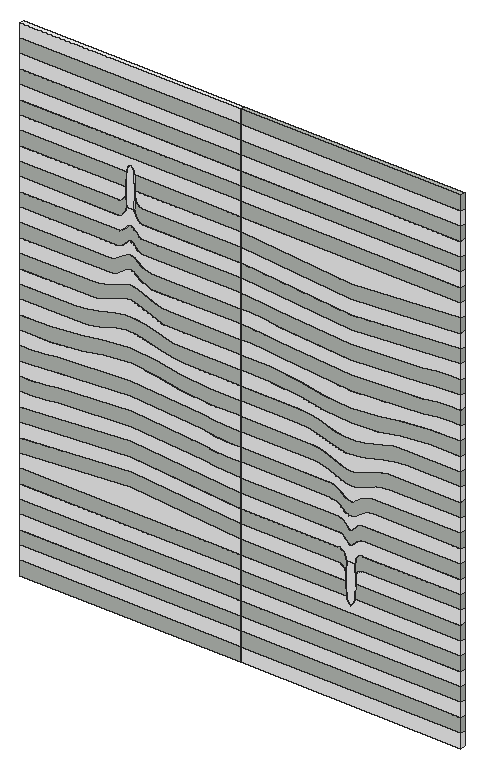
Revit family "Stacked Surfaces 017", category Modelos genéricos, Revit 2020
Family settings
  Anfitrión = Muro
  Puede alojar armadura = No
  Cota de conector redondo = Diámetro de uso
  Tipo de pieza = Normal
  Siempre vertical = Sí
  Corte con vacíos al cargar = No
  Compartido = No
  Punto de cálculo de habitación = No
Parameters
  URL = "https://www.csiposhfelt.com/products/surfaces/stacked-surfaces-017"
  Modelo = "Stacked Surfaces 017"
  Fabricante = "CSI PoshFelt"
  Elevación por defecto = 0' - 0"
Reference planes (in)
  plane 1: y = 0
  plane 2 "Center (Left/Right)": x = 0
  plane 3 "Wall Edge": y = 3
Forms (in)
  Extrusion 1, solid, material "PSH300"
    sketch origin (0, 3, 0) x (1, 0, 0) y (0, 0, 1)
      loop
        line (0, 0) -> (0, 3) -> (-48, 3) -> (-48, 0) -> (0, 0)
      loop
        arc (-48, 6) -> (-24, 6.3618) -> (0, 6) r 796.19859
        line (0, 6) -> (0, 9.00136)
        arc (0, 9.00136) -> (-24, 9.3618) -> (-48, 9.00136) r 799.19859
        line (-48, 9.00136) -> (-48, 6)
      loop
        line (-48, 105) -> (-48, 102) -> (0, 102) -> (0, 105) -> (-48, 105)
      loop
        line (-48, 99) -> (-48, 96) -> (0, 96) -> (0, 99) -> (-48, 99)
      loop
        line (-48, 93) -> (-48, 90) -> (0, 90) -> (0, 93) -> (-48, 93)
      loop
        line (-48, 87) -> (-48, 84) -> (-25.06902, 84)
        arc (-25.06902, 84) -> (-25.01065, 85.50255) -> (-24.87393, 87) r 28.79545
        line (-24.87393, 87) -> (-48, 87)
      loop
        line (0, 87) -> (-23.12607, 87)
        arc (-23.12607, 87) -> (-22.98935, 85.50255) -> (-22.93098, 84) r 28.79545
        line (-22.93098, 84) -> (0, 84) -> (0, 87)
      loop
        line (-48, 81) -> (-48, 78) -> (-26.77463, 78)
        arc (-26.77463, 78) -> (-25.55993, 78.50315) -> (-25.05678, 79.71786) r 1.71786
        line (-25.05678, 79.71786) -> (-24.85785, 80.13386)
        arc (-24.85785, 80.13386) -> (-24.9864, 81.42362) -> (-25.05678, 82.71786) r 28.79545
        arc (-25.05678, 82.71786) -> (-25.55993, 81.50315) -> (-26.77463, 81) r 1.71786
        line (-26.77463, 81) -> (-48, 81)
      loop
        line (0, 81) -> (-21.22537, 81)
        arc (-21.22537, 81) -> (-22.44007, 81.50315) -> (-22.94322, 82.71786) r 1.71786
        arc (-22.94322, 82.71786) -> (-23.0136, 81.42362) -> (-23.14215, 80.13386) r 28.79545
        line (-23.14215, 80.13386) -> (-22.94322, 79.71786)
        arc (-22.94322, 79.71786) -> (-22.44007, 78.50315) -> (-21.22537, 78) r 1.71786
        line (-21.22537, 78) -> (0, 78) -> (0, 81)
      loop
        line (-48, 75) -> (-48, 72) -> (-26.62132, 72)
        arc (-26.62132, 72) -> (-26.0473, 72.11418) -> (-25.56066, 72.43934) r 1.5
        line (-25.56066, 72.43934) -> (-24.45387, 73.54613)
        arc (-24.45387, 73.54613) -> (-24, 73.73413) -> (-23.54613, 73.54613) r 0.64187
        line (-23.54613, 73.54613) -> (-22.43934, 72.43934)
        arc (-22.43934, 72.43934) -> (-21.9527, 72.11418) -> (-21.37868, 72) r 1.5
        line (-21.37868, 72) -> (0, 72) -> (0, 75) -> (-21.37868, 75)
        arc (-21.37868, 75) -> (-21.9527, 75.11418) -> (-22.43934, 75.43934) r 1.5
        line (-22.43934, 75.43934) -> (-23.54613, 76.54613)
        arc (-23.54613, 76.54613) -> (-24, 76.73413) -> (-24.45387, 76.54613) r 0.64187
        line (-24.45387, 76.54613) -> (-25.56066, 75.43934)
        arc (-25.56066, 75.43934) -> (-26.0473, 75.11418) -> (-26.62132, 75) r 1.5
        line (-26.62132, 75) -> (-48, 75)
      loop
        line (-48, 69) -> (-48, 66) -> (-28.75274, 66)
        arc (-28.75274, 66) -> (-27.62509, 66.17356) -> (-26.60183, 66.67818) r 3.75
        line (-26.60183, 66.67818) -> (-25.00376, 67.79716)
        arc (-25.00376, 67.79716) -> (-24, 68.11364) -> (-22.99624, 67.79716) r 1.75
        line (-22.99624, 67.79716) -> (-21.39817, 66.67818)
        arc (-21.39817, 66.67818) -> (-20.37491, 66.17356) -> (-19.24726, 66) r 3.75
        line (-19.24726, 66) -> (0, 66) -> (0, 69) -> (-19.24726, 69)
        arc (-19.24726, 69) -> (-20.37491, 69.17356) -> (-21.39817, 69.67818) r 3.75
        line (-21.39817, 69.67818) -> (-22.99624, 70.79716)
        arc (-22.99624, 70.79716) -> (-24, 71.11364) -> (-25.00376, 70.79716) r 1.75
        line (-25.00376, 70.79716) -> (-26.60183, 69.67818)
        arc (-26.60183, 69.67818) -> (-27.62509, 69.17356) -> (-28.75274, 69) r 3.75
        line (-28.75274, 69) -> (-48, 69)
      loop
        line (-48, 63) -> (-48, 60) -> (-32.27931, 60)
        arc (-32.27931, 60) -> (-30.89012, 60.12154) -> (-29.54315, 60.48246) r 8
        line (-29.54315, 60.48246) -> (-25.56498, 61.9304)
        arc (-25.56498, 61.9304) -> (-24, 62.20634) -> (-22.43502, 61.9304) r 4.57568
        line (-22.43502, 61.9304) -> (-18.45685, 60.48246)
        arc (-18.45685, 60.48246) -> (-17.10988, 60.12154) -> (-15.72069, 60) r 8
        line (-15.72069, 60) -> (0, 60) -> (0, 63) -> (-15.72069, 63)
        arc (-15.72069, 63) -> (-17.10988, 63.12154) -> (-18.45685, 63.48246) r 8
        line (-18.45685, 63.48246) -> (-22.43502, 64.9304)
        arc (-22.43502, 64.9304) -> (-24, 65.20634) -> (-25.56498, 64.9304) r 4.57568
        line (-25.56498, 64.9304) -> (-29.54315, 63.48246)
        arc (-29.54315, 63.48246) -> (-30.89012, 63.12154) -> (-32.27931, 63) r 8
        line (-32.27931, 63) -> (-48, 63)
      loop
        line (-48, 57) -> (-48, 54) -> (-35.7657, 54)
        arc (-35.7657, 54) -> (-33.35096, 54.15827) -> (-30.97755, 54.63037) r 18.5
        line (-30.97755, 54.63037) -> (-27.17053, 55.65046)
        arc (-27.17053, 55.65046) -> (-24, 56.06787) -> (-20.82947, 55.65046) r 12.25
        line (-20.82947, 55.65046) -> (-17.02245, 54.63037)
        arc (-17.02245, 54.63037) -> (-14.64904, 54.15827) -> (-12.2343, 54) r 18.5
        line (-12.2343, 54) -> (0, 54) -> (0, 57) -> (-12.2343, 57)
        arc (-12.2343, 57) -> (-14.64904, 57.15827) -> (-17.02245, 57.63037) r 18.5
        line (-17.02245, 57.63037) -> (-20.82947, 58.65046)
        arc (-20.82947, 58.65046) -> (-24, 59.06787) -> (-27.17053, 58.65046) r 12.25
        line (-27.17053, 58.65046) -> (-30.97755, 57.63037)
        arc (-30.97755, 57.63037) -> (-33.35096, 57.15827) -> (-35.7657, 57) r 18.5
        line (-35.7657, 57) -> (-48, 57)
      loop
        line (-48, 51) -> (-48, 48) -> (-41.59026, 48)
        arc (-41.59026, 48) -> (-38.19119, 48.14841) -> (-34.81798, 48.5925) r 39
        line (-34.81798, 48.5925) -> (-30.03427, 49.43599)
        arc (-30.03427, 49.43599) -> (-24, 49.96393) -> (-17.96573, 49.43599) r 34.75
        line (-17.96573, 49.43599) -> (-13.18202, 48.5925)
        arc (-13.18202, 48.5925) -> (-9.80881, 48.14841) -> (-6.40974, 48) r 39
        line (-6.40974, 48) -> (0, 48) -> (0, 51) -> (-6.40974, 51)
        arc (-6.40974, 51) -> (-9.80881, 51.14841) -> (-13.18202, 51.5925) r 39
        line (-13.18202, 51.5925) -> (-17.96573, 52.43599)
        arc (-17.96573, 52.43599) -> (-24, 52.96393) -> (-30.03427, 52.43599) r 34.75
        line (-30.03427, 52.43599) -> (-34.81798, 51.5925)
        arc (-34.81798, 51.5925) -> (-38.19119, 51.14841) -> (-41.59026, 51) r 39
        line (-41.59026, 51) -> (-48, 51)
      loop
        line (-48, 45) -> (-48, 42) -> (-46.03409, 42)
        arc (-46.03409, 42) -> (-44.36399, 42.05103) -> (-42.70011, 42.20391) r 27.35698
        line (-42.70011, 42.20391) -> (-39.75161, 42.56595)
        arc (-39.75161, 42.56595) -> (-24, 43.52936) -> (-8.24839, 42.56595) r 129.25
        line (-8.24839, 42.56595) -> (-5.29979, 42.2039)
        arc (-5.29979, 42.2039) -> (-3.63601, 42.05102) -> (-1.966, 42) r 27.35547
        line (-1.966, 42) -> (0, 42) -> (0, 45) -> (-1.966, 45)
        arc (-1.966, 45) -> (-3.63601, 45.05102) -> (-5.29979, 45.2039) r 27.35547
        line (-5.29979, 45.2039) -> (-8.24839, 45.56595)
        arc (-8.24839, 45.56595) -> (-24, 46.52936) -> (-39.75161, 45.56595) r 129.25
        line (-39.75161, 45.56595) -> (-42.70011, 45.20391)
        arc (-42.70011, 45.20391) -> (-44.36399, 45.05103) -> (-46.03409, 45) r 27.35698
        line (-46.03409, 45) -> (-48, 45)
      loop
        line (-48, 39) -> (-48, 36) -> (-46.03409, 36)
        arc (-46.03409, 36) -> (-44.36399, 36.05103) -> (-42.70011, 36.20391) r 27.35698
        line (-42.70011, 36.20391) -> (-39.75161, 36.56595)
        arc (-39.75161, 36.56595) -> (-24, 37.52936) -> (-8.24839, 36.56595) r 129.25
        line (-8.24839, 36.56595) -> (-5.29979, 36.2039)
        arc (-5.29979, 36.2039) -> (-3.63601, 36.05102) -> (-1.966, 36) r 27.35547
        line (-1.966, 36) -> (0, 36) -> (0, 39) -> (-1.966, 39)
        arc (-1.966, 39) -> (-3.63601, 39.05102) -> (-5.29979, 39.2039) r 27.35547
        line (-5.29979, 39.2039) -> (-8.24839, 39.56595)
        arc (-8.24839, 39.56595) -> (-24, 40.52936) -> (-39.75161, 39.56595) r 129.25
        line (-39.75161, 39.56595) -> (-42.70011, 39.20391)
        arc (-42.70011, 39.20391) -> (-44.36399, 39.05103) -> (-46.03409, 39) r 27.35698
        line (-46.03409, 39) -> (-48, 39)
      loop
        arc (-48, 12.00136) -> (-24, 12.36316) -> (0, 12.00136) r 796.19859
        line (0, 12.00136) -> (0, 15.00272)
        arc (0, 15.00272) -> (-24, 15.36316) -> (-48, 15.00272) r 799.19859
        line (-48, 15.00272) -> (-48, 12.00136)
      loop
        arc (-48, 18.00272) -> (-24, 18.95224) -> (0, 18.00272) r 303.78661
        line (0, 18.00272) -> (0, 21.00408)
        arc (0, 21.00408) -> (-24, 21.90876) -> (-48, 21.00408) r 318.79614
        line (-48, 21.00408) -> (-48, 18.00272)
      loop
        arc (-48, 24.00408) -> (-24, 25.68315) -> (0, 24.00408) r 172.36276
        line (0, 24.00408) -> (0, 27.00543)
        arc (0, 27.00543) -> (-24, 28.68082) -> (-48, 27.00543) r 172.73875
        line (-48, 27.00543) -> (-48, 24.00408)
      loop
        arc (-48, 30.00543) -> (-24, 31.68451) -> (0, 30.00543) r 172.36276
        line (0, 30.00543) -> (0, 33.00679)
        arc (0, 33.00679) -> (-24, 34.68218) -> (-48, 33.00679) r 172.73875
        line (-48, 33.00679) -> (-48, 30.00543)
    from 0 to -1
  Extrusion 2, solid, material "White"
    sketch origin (0, 3, 0) x (1, 0, 0) y (0, 0, 1)
      loop
        line (-24, 88.625) -> (-24.25538, 88.36962)
        arc (-24.25538, 88.36962) -> (-24.66007, 87.80217) -> (-24.85785, 87.13386) r 2.11038
        arc (-24.85785, 87.13386) -> (-25.07135, 83.63386) -> (-24.85785, 80.13386) r 28.79545
        line (-24.85785, 80.13386) -> (-23.14215, 80.13386)
        arc (-23.14215, 80.13386) -> (-22.92865, 83.63386) -> (-23.14215, 87.13386) r 28.79545
        arc (-23.14215, 87.13386) -> (-23.33993, 87.80217) -> (-23.74462, 88.36962) r 2.11038
        line (-23.74462, 88.36962) -> (-24, 88.625)
    from 0 to -1
  Extrusion 3, solid, material "White"
    sketch origin (0, 3, 0) x (1, 0, 0) y (0, 0, 1)
      loop
        line (0, 3) -> (0, 6)
        arc (0, 6) -> (-24, 6.3618) -> (-48, 6) r 796.19859
        line (-48, 6) -> (-48, 3) -> (0, 3)
      loop
        line (0, 9.00136) -> (0, 12.00136)
        arc (0, 12.00136) -> (-24, 12.36316) -> (-48, 12.00136) r 796.19859
        line (-48, 12.00136) -> (-48, 9.00136)
        arc (-48, 9.00136) -> (-24, 9.3618) -> (0, 9.00136) r 799.19859
      loop
        line (0, 15.00272) -> (0, 18.00272)
        arc (0, 18.00272) -> (-24, 18.95224) -> (-48, 18.00272) r 303.78661
        line (-48, 18.00272) -> (-48, 15.00272)
        arc (-48, 15.00272) -> (-24, 15.36316) -> (0, 15.00272) r 799.19859
      loop
        line (0, 21.00408) -> (0, 24.00408)
        arc (0, 24.00408) -> (-24, 25.68315) -> (-48, 24.00408) r 172.36276
        line (-48, 24.00408) -> (-48, 21.00408)
        arc (-48, 21.00408) -> (-24, 21.90876) -> (0, 21.00408) r 318.79614
      loop
        line (0, 27.00543) -> (0, 30.00543)
        arc (0, 30.00543) -> (-24, 31.68451) -> (-48, 30.00543) r 172.36276
        line (-48, 30.00543) -> (-48, 27.00543)
        arc (-48, 27.00543) -> (-24, 28.68082) -> (0, 27.00543) r 172.73875
      loop
        line (0, 33.00679) -> (0, 36) -> (-1.966, 36)
        arc (-1.966, 36) -> (-3.63601, 36.05102) -> (-5.29979, 36.2039) r 27.35547
        line (-5.29979, 36.2039) -> (-8.24839, 36.56595)
        arc (-8.24839, 36.56595) -> (-24, 37.52936) -> (-39.75161, 36.56595) r 129.25
        line (-39.75161, 36.56595) -> (-42.70011, 36.20391)
        arc (-42.70011, 36.20391) -> (-44.36399, 36.05103) -> (-46.03409, 36) r 27.35698
        line (-46.03409, 36) -> (-48, 36) -> (-48, 33.00679)
        arc (-48, 33.00679) -> (-24, 34.68218) -> (0, 33.00679) r 172.73875
      loop
        line (-8.24839, 39.56595) -> (-5.29979, 39.2039)
        arc (-5.29979, 39.2039) -> (-3.63601, 39.05102) -> (-1.966, 39) r 27.35547
        line (-1.966, 39) -> (0, 39) -> (0, 42) -> (-1.966, 42)
        arc (-1.966, 42) -> (-3.63601, 42.05102) -> (-5.29979, 42.2039) r 27.35547
        line (-5.29979, 42.2039) -> (-8.24839, 42.56595)
        arc (-8.24839, 42.56595) -> (-24, 43.52936) -> (-39.75161, 42.56595) r 129.25
        line (-39.75161, 42.56595) -> (-42.70011, 42.20391)
        arc (-42.70011, 42.20391) -> (-44.36399, 42.05103) -> (-46.03409, 42) r 27.35698
        line (-46.03409, 42) -> (-48, 42) -> (-48, 39) -> (-46.03409, 39)
        arc (-46.03409, 39) -> (-44.36399, 39.05103) -> (-42.70011, 39.20391) r 27.35698
        line (-42.70011, 39.20391) -> (-39.75161, 39.56595)
        arc (-39.75161, 39.56595) -> (-24, 40.52936) -> (-8.24839, 39.56595) r 129.25
      loop
        arc (-46.03409, 45) -> (-44.36399, 45.05103) -> (-42.70011, 45.20391) r 27.35698
        line (-42.70011, 45.20391) -> (-39.75161, 45.56595)
        arc (-39.75161, 45.56595) -> (-24, 46.52936) -> (-8.24839, 45.56595) r 129.25
        line (-8.24839, 45.56595) -> (-5.29979, 45.2039)
        arc (-5.29979, 45.2039) -> (-3.63601, 45.05102) -> (-1.966, 45) r 27.35547
        line (-1.966, 45) -> (0, 45) -> (0, 48) -> (-6.40974, 48)
        arc (-6.40974, 48) -> (-9.80881, 48.14841) -> (-13.18202, 48.5925) r 39
        line (-13.18202, 48.5925) -> (-17.96573, 49.43599)
        arc (-17.96573, 49.43599) -> (-24, 49.96393) -> (-30.03427, 49.43599) r 34.75
        line (-30.03427, 49.43599) -> (-34.81798, 48.5925)
        arc (-34.81798, 48.5925) -> (-38.19119, 48.14841) -> (-41.59026, 48) r 39
        line (-41.59026, 48) -> (-48, 48) -> (-48, 45) -> (-46.03409, 45)
      loop
        arc (-41.59026, 51) -> (-38.19119, 51.14841) -> (-34.81798, 51.5925) r 39
        line (-34.81798, 51.5925) -> (-30.03427, 52.43599)
        arc (-30.03427, 52.43599) -> (-24, 52.96393) -> (-17.96573, 52.43599) r 34.75
        line (-17.96573, 52.43599) -> (-13.18202, 51.5925)
        arc (-13.18202, 51.5925) -> (-9.80881, 51.14841) -> (-6.40974, 51) r 39
        line (-6.40974, 51) -> (0, 51) -> (0, 54) -> (-12.2343, 54)
        arc (-12.2343, 54) -> (-14.64904, 54.15827) -> (-17.02245, 54.63037) r 18.5
        line (-17.02245, 54.63037) -> (-20.82947, 55.65046)
        arc (-20.82947, 55.65046) -> (-24, 56.06787) -> (-27.17053, 55.65046) r 12.25
        line (-27.17053, 55.65046) -> (-30.97755, 54.63037)
        arc (-30.97755, 54.63037) -> (-33.35096, 54.15827) -> (-35.7657, 54) r 18.5
        line (-35.7657, 54) -> (-48, 54) -> (-48, 51) -> (-41.59026, 51)
      loop
        line (-48, 60) -> (-48, 57) -> (-35.7657, 57)
        arc (-35.7657, 57) -> (-33.35096, 57.15827) -> (-30.97755, 57.63037) r 18.5
        line (-30.97755, 57.63037) -> (-27.17053, 58.65046)
        arc (-27.17053, 58.65046) -> (-24, 59.06787) -> (-20.82947, 58.65046) r 12.25
        line (-20.82947, 58.65046) -> (-17.02245, 57.63037)
        arc (-17.02245, 57.63037) -> (-14.64904, 57.15827) -> (-12.2343, 57) r 18.5
        line (-12.2343, 57) -> (0, 57) -> (0, 60) -> (-15.72069, 60)
        arc (-15.72069, 60) -> (-17.10988, 60.12154) -> (-18.45685, 60.48246) r 8
        line (-18.45685, 60.48246) -> (-22.43502, 61.9304)
        arc (-22.43502, 61.9304) -> (-24, 62.20634) -> (-25.56498, 61.9304) r 4.57568
        line (-25.56498, 61.9304) -> (-29.54315, 60.48246)
        arc (-29.54315, 60.48246) -> (-30.89012, 60.12154) -> (-32.27931, 60) r 8
        line (-32.27931, 60) -> (-48, 60)
      loop
        arc (-32.27931, 63) -> (-30.89012, 63.12154) -> (-29.54315, 63.48246) r 8
        line (-29.54315, 63.48246) -> (-25.56498, 64.9304)
        arc (-25.56498, 64.9304) -> (-24, 65.20634) -> (-22.43502, 64.9304) r 4.57568
        line (-22.43502, 64.9304) -> (-18.45685, 63.48246)
        arc (-18.45685, 63.48246) -> (-17.10988, 63.12154) -> (-15.72069, 63) r 8
        line (-15.72069, 63) -> (0, 63) -> (0, 66) -> (-19.24726, 66)
        arc (-19.24726, 66) -> (-20.37491, 66.17356) -> (-21.39817, 66.67818) r 3.75
        line (-21.39817, 66.67818) -> (-22.99624, 67.79716)
        arc (-22.99624, 67.79716) -> (-24, 68.11364) -> (-25.00376, 67.79716) r 1.75
        line (-25.00376, 67.79716) -> (-26.60183, 66.67818)
        arc (-26.60183, 66.67818) -> (-27.62509, 66.17356) -> (-28.75274, 66) r 3.75
        line (-28.75274, 66) -> (-48, 66) -> (-48, 63) -> (-32.27931, 63)
      loop
        arc (-28.75274, 69) -> (-27.62509, 69.17356) -> (-26.60183, 69.67818) r 3.75
        line (-26.60183, 69.67818) -> (-25.00376, 70.79716)
        arc (-25.00376, 70.79716) -> (-24, 71.11364) -> (-22.99624, 70.79716) r 1.75
        line (-22.99624, 70.79716) -> (-21.39817, 69.67818)
        arc (-21.39817, 69.67818) -> (-20.37491, 69.17356) -> (-19.24726, 69) r 3.75
        line (-19.24726, 69) -> (0, 69) -> (0, 72) -> (-21.37868, 72)
        arc (-21.37868, 72) -> (-21.9527, 72.11418) -> (-22.43934, 72.43934) r 1.5
        line (-22.43934, 72.43934) -> (-23.54613, 73.54613)
        arc (-23.54613, 73.54613) -> (-24, 73.73413) -> (-24.45387, 73.54613) r 0.64187
        line (-24.45387, 73.54613) -> (-25.56066, 72.43934)
        arc (-25.56066, 72.43934) -> (-26.0473, 72.11418) -> (-26.62132, 72) r 1.5
        line (-26.62132, 72) -> (-48, 72) -> (-48, 69) -> (-28.75274, 69)
      loop
        arc (-26.62132, 75) -> (-26.0473, 75.11418) -> (-25.56066, 75.43934) r 1.5
        line (-25.56066, 75.43934) -> (-24.45387, 76.54613)
        arc (-24.45387, 76.54613) -> (-24, 76.73413) -> (-23.54613, 76.54613) r 0.64187
        line (-23.54613, 76.54613) -> (-22.43934, 75.43934)
        arc (-22.43934, 75.43934) -> (-21.9527, 75.11418) -> (-21.37868, 75) r 1.5
        line (-21.37868, 75) -> (0, 75) -> (0, 78) -> (-21.22537, 78)
        arc (-21.22537, 78) -> (-22.44007, 78.50315) -> (-22.94322, 79.71786) r 1.71786
        line (-22.94322, 79.71786) -> (-23.14215, 80.13386) -> (-24.85785, 80.13386) -> (-25.05678, 79.71786)
        arc (-25.05678, 79.71786) -> (-25.55993, 78.50315) -> (-26.77463, 78) r 1.71786
        line (-26.77463, 78) -> (-48, 78) -> (-48, 75) -> (-26.62132, 75)
      loop
        arc (-26.77463, 81) -> (-25.55993, 81.50315) -> (-25.05678, 82.71786) r 1.71786
        arc (-25.05678, 82.71786) -> (-25.07004, 83.35886) -> (-25.06902, 84) r 28.79545
        line (-25.06902, 84) -> (-48, 84) -> (-48, 81) -> (-26.77463, 81)
      loop
        arc (-22.93098, 84) -> (-22.92996, 83.35886) -> (-22.94322, 82.71786) r 28.79545
        arc (-22.94322, 82.71786) -> (-22.44007, 81.50315) -> (-21.22537, 81) r 1.71786
        line (-21.22537, 81) -> (0, 81) -> (0, 84) -> (-22.93098, 84)
      loop
        line (-48, 90) -> (-48, 87) -> (-24.87424, 87) -> (-24.85785, 87.13386)
        arc (-24.85785, 87.13386) -> (-24.66007, 87.80217) -> (-24.25538, 88.36962) r 2.11038
        line (-24.25538, 88.36962) -> (-24, 88.625) -> (-23.74462, 88.36962)
        arc (-23.74462, 88.36962) -> (-23.33993, 87.80217) -> (-23.14215, 87.13386) r 2.11038
        line (-23.14215, 87.13386) -> (-23.12607, 87) -> (0, 87) -> (0, 90) -> (-48, 90)
      loop
        line (0, 93) -> (0, 96) -> (-48, 96) -> (-48, 93) -> (0, 93)
      loop
        line (0, 99) -> (0, 102) -> (-48, 102) -> (-48, 99) -> (0, 99)
      loop
        line (0, 105) -> (0, 108) -> (-48, 108) -> (-48, 105) -> (0, 105)
    from 0 to -1
  Extrusion 4, solid, material "PSH300"
    sketch origin (48, 3, 108) x (1, 0, 0) y (0, 0, 1)
      loop
        line (0, 0) -> (-48, 0) -> (-48, -3) -> (0, -3) -> (0, 0)
      loop
        line (-48, -6) -> (-48, -9.00136)
        arc (-48, -9.00136) -> (-24, -9.3618) -> (0, -9.00136) r 799.19859
        line (0, -9.00136) -> (0, -6)
        arc (0, -6) -> (-24, -6.3618) -> (-48, -6) r 796.19859
      loop
        line (-48, -105) -> (0, -105) -> (0, -102) -> (-48, -102) -> (-48, -105)
      loop
        line (-48, -99) -> (0, -99) -> (0, -96) -> (-48, -96) -> (-48, -99)
      loop
        line (-48, -93) -> (0, -93) -> (0, -90) -> (-48, -90) -> (-48, -93)
      loop
        line (-48, -87) -> (-24.87393, -87)
        arc (-24.87393, -87) -> (-25.01065, -85.50255) -> (-25.06902, -84) r 28.79545
        line (-25.06902, -84) -> (-48, -84) -> (-48, -87)
      loop
        line (0, -87) -> (0, -84) -> (-22.93098, -84)
        arc (-22.93098, -84) -> (-22.98935, -85.50255) -> (-23.12607, -87) r 28.79545
        line (-23.12607, -87) -> (0, -87)
      loop
        line (-48, -81) -> (-26.77463, -81)
        arc (-26.77463, -81) -> (-25.55993, -81.50315) -> (-25.05678, -82.71786) r 1.71786
        arc (-25.05678, -82.71786) -> (-24.9864, -81.42362) -> (-24.85785, -80.13386) r 28.79545
        line (-24.85785, -80.13386) -> (-25.05678, -79.71786)
        arc (-25.05678, -79.71786) -> (-25.55993, -78.50315) -> (-26.77463, -78) r 1.71786
        line (-26.77463, -78) -> (-48, -78) -> (-48, -81)
      loop
        line (0, -81) -> (0, -78) -> (-21.22537, -78)
        arc (-21.22537, -78) -> (-22.44007, -78.50315) -> (-22.94322, -79.71786) r 1.71786
        line (-22.94322, -79.71786) -> (-23.14215, -80.13386)
        arc (-23.14215, -80.13386) -> (-23.0136, -81.42362) -> (-22.94322, -82.71786) r 28.79545
        arc (-22.94322, -82.71786) -> (-22.44007, -81.50315) -> (-21.22537, -81) r 1.71786
        line (-21.22537, -81) -> (0, -81)
      loop
        line (-48, -75) -> (-26.62132, -75)
        arc (-26.62132, -75) -> (-26.0473, -75.11418) -> (-25.56066, -75.43934) r 1.5
        line (-25.56066, -75.43934) -> (-24.45387, -76.54613)
        arc (-24.45387, -76.54613) -> (-24, -76.73413) -> (-23.54613, -76.54613) r 0.64187
        line (-23.54613, -76.54613) -> (-22.43934, -75.43934)
        arc (-22.43934, -75.43934) -> (-21.9527, -75.11418) -> (-21.37868, -75) r 1.5
        line (-21.37868, -75) -> (0, -75) -> (0, -72) -> (-21.37868, -72)
        arc (-21.37868, -72) -> (-21.9527, -72.11418) -> (-22.43934, -72.43934) r 1.5
        line (-22.43934, -72.43934) -> (-23.54613, -73.54613)
        arc (-23.54613, -73.54613) -> (-24, -73.73413) -> (-24.45387, -73.54613) r 0.64187
        line (-24.45387, -73.54613) -> (-25.56066, -72.43934)
        arc (-25.56066, -72.43934) -> (-26.0473, -72.11418) -> (-26.62132, -72) r 1.5
        line (-26.62132, -72) -> (-48, -72) -> (-48, -75)
      loop
        line (-48, -69) -> (-28.75274, -69)
        arc (-28.75274, -69) -> (-27.62509, -69.17356) -> (-26.60183, -69.67818) r 3.75
        line (-26.60183, -69.67818) -> (-25.00376, -70.79716)
        arc (-25.00376, -70.79716) -> (-24, -71.11364) -> (-22.99624, -70.79716) r 1.75
        line (-22.99624, -70.79716) -> (-21.39817, -69.67818)
        arc (-21.39817, -69.67818) -> (-20.37491, -69.17356) -> (-19.24726, -69) r 3.75
        line (-19.24726, -69) -> (0, -69) -> (0, -66) -> (-19.24726, -66)
        arc (-19.24726, -66) -> (-20.37491, -66.17356) -> (-21.39817, -66.67818) r 3.75
        line (-21.39817, -66.67818) -> (-22.99624, -67.79716)
        arc (-22.99624, -67.79716) -> (-24, -68.11364) -> (-25.00376, -67.79716) r 1.75
        line (-25.00376, -67.79716) -> (-26.60183, -66.67818)
        arc (-26.60183, -66.67818) -> (-27.62509, -66.17356) -> (-28.75274, -66) r 3.75
        line (-28.75274, -66) -> (-48, -66) -> (-48, -69)
      loop
        line (-48, -63) -> (-32.27931, -63)
        arc (-32.27931, -63) -> (-30.89012, -63.12154) -> (-29.54315, -63.48246) r 8
        line (-29.54315, -63.48246) -> (-25.56498, -64.9304)
        arc (-25.56498, -64.9304) -> (-24, -65.20634) -> (-22.43502, -64.9304) r 4.57568
        line (-22.43502, -64.9304) -> (-18.45685, -63.48246)
        arc (-18.45685, -63.48246) -> (-17.10988, -63.12154) -> (-15.72069, -63) r 8
        line (-15.72069, -63) -> (0, -63) -> (0, -60) -> (-15.72069, -60)
        arc (-15.72069, -60) -> (-17.10988, -60.12154) -> (-18.45685, -60.48246) r 8
        line (-18.45685, -60.48246) -> (-22.43502, -61.9304)
        arc (-22.43502, -61.9304) -> (-24, -62.20634) -> (-25.56498, -61.9304) r 4.57568
        line (-25.56498, -61.9304) -> (-29.54315, -60.48246)
        arc (-29.54315, -60.48246) -> (-30.89012, -60.12154) -> (-32.27931, -60) r 8
        line (-32.27931, -60) -> (-48, -60) -> (-48, -63)
      loop
        line (-48, -57) -> (-35.7657, -57)
        arc (-35.7657, -57) -> (-33.35096, -57.15827) -> (-30.97755, -57.63037) r 18.5
        line (-30.97755, -57.63037) -> (-27.17053, -58.65046)
        arc (-27.17053, -58.65046) -> (-24, -59.06787) -> (-20.82947, -58.65046) r 12.25
        line (-20.82947, -58.65046) -> (-17.02245, -57.63037)
        arc (-17.02245, -57.63037) -> (-14.64904, -57.15827) -> (-12.2343, -57) r 18.5
        line (-12.2343, -57) -> (0, -57) -> (0, -54) -> (-12.2343, -54)
        arc (-12.2343, -54) -> (-14.64904, -54.15827) -> (-17.02245, -54.63037) r 18.5
        line (-17.02245, -54.63037) -> (-20.82947, -55.65046)
        arc (-20.82947, -55.65046) -> (-24, -56.06787) -> (-27.17053, -55.65046) r 12.25
        line (-27.17053, -55.65046) -> (-30.97755, -54.63037)
        arc (-30.97755, -54.63037) -> (-33.35096, -54.15827) -> (-35.7657, -54) r 18.5
        line (-35.7657, -54) -> (-48, -54) -> (-48, -57)
      loop
        line (-48, -51) -> (-41.59026, -51)
        arc (-41.59026, -51) -> (-38.19119, -51.14841) -> (-34.81798, -51.5925) r 39
        line (-34.81798, -51.5925) -> (-30.03427, -52.43599)
        arc (-30.03427, -52.43599) -> (-24, -52.96393) -> (-17.96573, -52.43599) r 34.75
        line (-17.96573, -52.43599) -> (-13.18202, -51.5925)
        arc (-13.18202, -51.5925) -> (-9.80881, -51.14841) -> (-6.40974, -51) r 39
        line (-6.40974, -51) -> (0, -51) -> (0, -48) -> (-6.40974, -48)
        arc (-6.40974, -48) -> (-9.80881, -48.14841) -> (-13.18202, -48.5925) r 39
        line (-13.18202, -48.5925) -> (-17.96573, -49.43599)
        arc (-17.96573, -49.43599) -> (-24, -49.96393) -> (-30.03427, -49.43599) r 34.75
        line (-30.03427, -49.43599) -> (-34.81798, -48.5925)
        arc (-34.81798, -48.5925) -> (-38.19119, -48.14841) -> (-41.59026, -48) r 39
        line (-41.59026, -48) -> (-48, -48) -> (-48, -51)
      loop
        line (-48, -45) -> (-46.03409, -45)
        arc (-46.03409, -45) -> (-44.36399, -45.05103) -> (-42.70011, -45.20391) r 27.35698
        line (-42.70011, -45.20391) -> (-39.75161, -45.56595)
        arc (-39.75161, -45.56595) -> (-24, -46.52936) -> (-8.24839, -45.56595) r 129.25
        line (-8.24839, -45.56595) -> (-5.29979, -45.2039)
        arc (-5.29979, -45.2039) -> (-3.63601, -45.05102) -> (-1.966, -45) r 27.35547
        line (-1.966, -45) -> (0, -45) -> (0, -42) -> (-1.966, -42)
        arc (-1.966, -42) -> (-3.63601, -42.05102) -> (-5.29979, -42.2039) r 27.35547
        line (-5.29979, -42.2039) -> (-8.24839, -42.56595)
        arc (-8.24839, -42.56595) -> (-24, -43.52936) -> (-39.75161, -42.56595) r 129.25
        line (-39.75161, -42.56595) -> (-42.70011, -42.20391)
        arc (-42.70011, -42.20391) -> (-44.36399, -42.05103) -> (-46.03409, -42) r 27.35698
        line (-46.03409, -42) -> (-48, -42) -> (-48, -45)
      loop
        line (-48, -39) -> (-46.03409, -39)
        arc (-46.03409, -39) -> (-44.36399, -39.05103) -> (-42.70011, -39.20391) r 27.35698
        line (-42.70011, -39.20391) -> (-39.75161, -39.56595)
        arc (-39.75161, -39.56595) -> (-24, -40.52936) -> (-8.24839, -39.56595) r 129.25
        line (-8.24839, -39.56595) -> (-5.29979, -39.2039)
        arc (-5.29979, -39.2039) -> (-3.63601, -39.05102) -> (-1.966, -39) r 27.35547
        line (-1.966, -39) -> (0, -39) -> (0, -36) -> (-1.966, -36)
        arc (-1.966, -36) -> (-3.63601, -36.05102) -> (-5.29979, -36.2039) r 27.35547
        line (-5.29979, -36.2039) -> (-8.24839, -36.56595)
        arc (-8.24839, -36.56595) -> (-24, -37.52936) -> (-39.75161, -36.56595) r 129.25
        line (-39.75161, -36.56595) -> (-42.70011, -36.20391)
        arc (-42.70011, -36.20391) -> (-44.36399, -36.05103) -> (-46.03409, -36) r 27.35698
        line (-46.03409, -36) -> (-48, -36) -> (-48, -39)
      loop
        line (-48, -12.00136) -> (-48, -15.00272)
        arc (-48, -15.00272) -> (-24, -15.36316) -> (0, -15.00272) r 799.19859
        line (0, -15.00272) -> (0, -12.00136)
        arc (0, -12.00136) -> (-24, -12.36316) -> (-48, -12.00136) r 796.19859
      loop
        line (-48, -18.00272) -> (-48, -21.00408)
        arc (-48, -21.00408) -> (-24, -21.90876) -> (0, -21.00408) r 318.79614
        line (0, -21.00408) -> (0, -18.00272)
        arc (0, -18.00272) -> (-24, -18.95224) -> (-48, -18.00272) r 303.78661
      loop
        line (-48, -24.00408) -> (-48, -27.00543)
        arc (-48, -27.00543) -> (-24, -28.68082) -> (0, -27.00543) r 172.73875
        line (0, -27.00543) -> (0, -24.00408)
        arc (0, -24.00408) -> (-24, -25.68315) -> (-48, -24.00408) r 172.36276
      loop
        line (-48, -30.00543) -> (-48, -33.00679)
        arc (-48, -33.00679) -> (-24, -34.68218) -> (0, -33.00679) r 172.73875
        line (0, -33.00679) -> (0, -30.00543)
        arc (0, -30.00543) -> (-24, -31.68451) -> (-48, -30.00543) r 172.36276
    from 0 to -1
  Extrusion 5, solid, material "White"
    sketch origin (48, 3, 108) x (1, 0, 0) y (0, 0, 1)
      loop
        line (-24, -88.625) -> (-23.74462, -88.36962)
        arc (-23.74462, -88.36962) -> (-23.33993, -87.80217) -> (-23.14215, -87.13386) r 2.11038
        arc (-23.14215, -87.13386) -> (-22.92865, -83.63386) -> (-23.14215, -80.13386) r 28.79545
        line (-23.14215, -80.13386) -> (-24.85785, -80.13386)
        arc (-24.85785, -80.13386) -> (-25.07135, -83.63386) -> (-24.85785, -87.13386) r 28.79545
        arc (-24.85785, -87.13386) -> (-24.66007, -87.80217) -> (-24.25538, -88.36962) r 2.11038
        line (-24.25538, -88.36962) -> (-24, -88.625)
    from 0 to -1
  Extrusion 6, solid, material "White"
    sketch origin (48, 3, 108) x (1, 0, 0) y (0, 0, 1)
      loop
        line (0, -3) -> (-48, -3) -> (-48, -6)
        arc (-48, -6) -> (-24, -6.3618) -> (0, -6) r 796.19859
        line (0, -6) -> (0, -3)
      loop
        arc (0, -9.00136) -> (-24, -9.3618) -> (-48, -9.00136) r 799.19859
        line (-48, -9.00136) -> (-48, -12.00136)
        arc (-48, -12.00136) -> (-24, -12.36316) -> (0, -12.00136) r 796.19859
        line (0, -12.00136) -> (0, -9.00136)
      loop
        arc (0, -15.00272) -> (-24, -15.36316) -> (-48, -15.00272) r 799.19859
        line (-48, -15.00272) -> (-48, -18.00272)
        arc (-48, -18.00272) -> (-24, -18.95224) -> (0, -18.00272) r 303.78661
        line (0, -18.00272) -> (0, -15.00272)
      loop
        arc (0, -21.00408) -> (-24, -21.90876) -> (-48, -21.00408) r 318.79614
        line (-48, -21.00408) -> (-48, -24.00408)
        arc (-48, -24.00408) -> (-24, -25.68315) -> (0, -24.00408) r 172.36276
        line (0, -24.00408) -> (0, -21.00408)
      loop
        arc (0, -27.00543) -> (-24, -28.68082) -> (-48, -27.00543) r 172.73875
        line (-48, -27.00543) -> (-48, -30.00543)
        arc (-48, -30.00543) -> (-24, -31.68451) -> (0, -30.00543) r 172.36276
        line (0, -30.00543) -> (0, -27.00543)
      loop
        arc (0, -33.00679) -> (-24, -34.68218) -> (-48, -33.00679) r 172.73875
        line (-48, -33.00679) -> (-48, -36) -> (-46.03409, -36)
        arc (-46.03409, -36) -> (-44.36399, -36.05103) -> (-42.70011, -36.20391) r 27.35698
        line (-42.70011, -36.20391) -> (-39.75161, -36.56595)
        arc (-39.75161, -36.56595) -> (-24, -37.52936) -> (-8.24839, -36.56595) r 129.25
        line (-8.24839, -36.56595) -> (-5.29979, -36.2039)
        arc (-5.29979, -36.2039) -> (-3.63601, -36.05102) -> (-1.966, -36) r 27.35547
        line (-1.966, -36) -> (0, -36) -> (0, -33.00679)
      loop
        arc (-8.24839, -39.56595) -> (-24, -40.52936) -> (-39.75161, -39.56595) r 129.25
        line (-39.75161, -39.56595) -> (-42.70011, -39.20391)
        arc (-42.70011, -39.20391) -> (-44.36399, -39.05103) -> (-46.03409, -39) r 27.35698
        line (-46.03409, -39) -> (-48, -39) -> (-48, -42) -> (-46.03409, -42)
        arc (-46.03409, -42) -> (-44.36399, -42.05103) -> (-42.70011, -42.20391) r 27.35698
        line (-42.70011, -42.20391) -> (-39.75161, -42.56595)
        arc (-39.75161, -42.56595) -> (-24, -43.52936) -> (-8.24839, -42.56595) r 129.25
        line (-8.24839, -42.56595) -> (-5.29979, -42.2039)
        arc (-5.29979, -42.2039) -> (-3.63601, -42.05102) -> (-1.966, -42) r 27.35547
        line (-1.966, -42) -> (0, -42) -> (0, -39) -> (-1.966, -39)
        arc (-1.966, -39) -> (-3.63601, -39.05102) -> (-5.29979, -39.2039) r 27.35547
        line (-5.29979, -39.2039) -> (-8.24839, -39.56595)
      loop
        line (-46.03409, -45) -> (-48, -45) -> (-48, -48) -> (-41.59026, -48)
        arc (-41.59026, -48) -> (-38.19119, -48.14841) -> (-34.81798, -48.5925) r 39
        line (-34.81798, -48.5925) -> (-30.03427, -49.43599)
        arc (-30.03427, -49.43599) -> (-24, -49.96393) -> (-17.96573, -49.43599) r 34.75
        line (-17.96573, -49.43599) -> (-13.18202, -48.5925)
        arc (-13.18202, -48.5925) -> (-9.80881, -48.14841) -> (-6.40974, -48) r 39
        line (-6.40974, -48) -> (0, -48) -> (0, -45) -> (-1.966, -45)
        arc (-1.966, -45) -> (-3.63601, -45.05102) -> (-5.29979, -45.2039) r 27.35547
        line (-5.29979, -45.2039) -> (-8.24839, -45.56595)
        arc (-8.24839, -45.56595) -> (-24, -46.52936) -> (-39.75161, -45.56595) r 129.25
        line (-39.75161, -45.56595) -> (-42.70011, -45.20391)
        arc (-42.70011, -45.20391) -> (-44.36399, -45.05103) -> (-46.03409, -45) r 27.35698
      loop
        line (-41.59026, -51) -> (-48, -51) -> (-48, -54) -> (-35.7657, -54)
        arc (-35.7657, -54) -> (-33.35096, -54.15827) -> (-30.97755, -54.63037) r 18.5
        line (-30.97755, -54.63037) -> (-27.17053, -55.65046)
        arc (-27.17053, -55.65046) -> (-24, -56.06787) -> (-20.82947, -55.65046) r 12.25
        line (-20.82947, -55.65046) -> (-17.02245, -54.63037)
        arc (-17.02245, -54.63037) -> (-14.64904, -54.15827) -> (-12.2343, -54) r 18.5
        line (-12.2343, -54) -> (0, -54) -> (0, -51) -> (-6.40974, -51)
        arc (-6.40974, -51) -> (-9.80881, -51.14841) -> (-13.18202, -51.5925) r 39
        line (-13.18202, -51.5925) -> (-17.96573, -52.43599)
        arc (-17.96573, -52.43599) -> (-24, -52.96393) -> (-30.03427, -52.43599) r 34.75
        line (-30.03427, -52.43599) -> (-34.81798, -51.5925)
        arc (-34.81798, -51.5925) -> (-38.19119, -51.14841) -> (-41.59026, -51) r 39
      loop
        line (-48, -60) -> (-32.27931, -60)
        arc (-32.27931, -60) -> (-30.89012, -60.12154) -> (-29.54315, -60.48246) r 8
        line (-29.54315, -60.48246) -> (-25.56498, -61.9304)
        arc (-25.56498, -61.9304) -> (-24, -62.20634) -> (-22.43502, -61.9304) r 4.57568
        line (-22.43502, -61.9304) -> (-18.45685, -60.48246)
        arc (-18.45685, -60.48246) -> (-17.10988, -60.12154) -> (-15.72069, -60) r 8
        line (-15.72069, -60) -> (0, -60) -> (0, -57) -> (-12.2343, -57)
        arc (-12.2343, -57) -> (-14.64904, -57.15827) -> (-17.02245, -57.63037) r 18.5
        line (-17.02245, -57.63037) -> (-20.82947, -58.65046)
        arc (-20.82947, -58.65046) -> (-24, -59.06787) -> (-27.17053, -58.65046) r 12.25
        line (-27.17053, -58.65046) -> (-30.97755, -57.63037)
        arc (-30.97755, -57.63037) -> (-33.35096, -57.15827) -> (-35.7657, -57) r 18.5
        line (-35.7657, -57) -> (-48, -57) -> (-48, -60)
      loop
        line (-32.27931, -63) -> (-48, -63) -> (-48, -66) -> (-28.75274, -66)
        arc (-28.75274, -66) -> (-27.62509, -66.17356) -> (-26.60183, -66.67818) r 3.75
        line (-26.60183, -66.67818) -> (-25.00376, -67.79716)
        arc (-25.00376, -67.79716) -> (-24, -68.11364) -> (-22.99624, -67.79716) r 1.75
        line (-22.99624, -67.79716) -> (-21.39817, -66.67818)
        arc (-21.39817, -66.67818) -> (-20.37491, -66.17356) -> (-19.24726, -66) r 3.75
        line (-19.24726, -66) -> (0, -66) -> (0, -63) -> (-15.72069, -63)
        arc (-15.72069, -63) -> (-17.10988, -63.12154) -> (-18.45685, -63.48246) r 8
        line (-18.45685, -63.48246) -> (-22.43502, -64.9304)
        arc (-22.43502, -64.9304) -> (-24, -65.20634) -> (-25.56498, -64.9304) r 4.57568
        line (-25.56498, -64.9304) -> (-29.54315, -63.48246)
        arc (-29.54315, -63.48246) -> (-30.89012, -63.12154) -> (-32.27931, -63) r 8
      loop
        line (-28.75274, -69) -> (-48, -69) -> (-48, -72) -> (-26.62132, -72)
        arc (-26.62132, -72) -> (-26.0473, -72.11418) -> (-25.56066, -72.43934) r 1.5
        line (-25.56066, -72.43934) -> (-24.45387, -73.54613)
        arc (-24.45387, -73.54613) -> (-24, -73.73413) -> (-23.54613, -73.54613) r 0.64187
        line (-23.54613, -73.54613) -> (-22.43934, -72.43934)
        arc (-22.43934, -72.43934) -> (-21.9527, -72.11418) -> (-21.37868, -72) r 1.5
        line (-21.37868, -72) -> (0, -72) -> (0, -69) -> (-19.24726, -69)
        arc (-19.24726, -69) -> (-20.37491, -69.17356) -> (-21.39817, -69.67818) r 3.75
        line (-21.39817, -69.67818) -> (-22.99624, -70.79716)
        arc (-22.99624, -70.79716) -> (-24, -71.11364) -> (-25.00376, -70.79716) r 1.75
        line (-25.00376, -70.79716) -> (-26.60183, -69.67818)
        arc (-26.60183, -69.67818) -> (-27.62509, -69.17356) -> (-28.75274, -69) r 3.75
      loop
        line (-26.62132, -75) -> (-48, -75) -> (-48, -78) -> (-26.77463, -78)
        arc (-26.77463, -78) -> (-25.55993, -78.50315) -> (-25.05678, -79.71786) r 1.71786
        line (-25.05678, -79.71786) -> (-24.85785, -80.13386) -> (-23.14215, -80.13386) -> (-22.94322, -79.71786)
        arc (-22.94322, -79.71786) -> (-22.44007, -78.50315) -> (-21.22537, -78) r 1.71786
        line (-21.22537, -78) -> (0, -78) -> (0, -75) -> (-21.37868, -75)
        arc (-21.37868, -75) -> (-21.9527, -75.11418) -> (-22.43934, -75.43934) r 1.5
        line (-22.43934, -75.43934) -> (-23.54613, -76.54613)
        arc (-23.54613, -76.54613) -> (-24, -76.73413) -> (-24.45387, -76.54613) r 0.64187
        line (-24.45387, -76.54613) -> (-25.56066, -75.43934)
        arc (-25.56066, -75.43934) -> (-26.0473, -75.11418) -> (-26.62132, -75) r 1.5
      loop
        line (-26.77463, -81) -> (-48, -81) -> (-48, -84) -> (-25.06902, -84)
        arc (-25.06902, -84) -> (-25.07004, -83.35886) -> (-25.05678, -82.71786) r 28.79545
        arc (-25.05678, -82.71786) -> (-25.55993, -81.50315) -> (-26.77463, -81) r 1.71786
      loop
        line (-22.93098, -84) -> (0, -84) -> (0, -81) -> (-21.22537, -81)
        arc (-21.22537, -81) -> (-22.44007, -81.50315) -> (-22.94322, -82.71786) r 1.71786
        arc (-22.94322, -82.71786) -> (-22.92996, -83.35886) -> (-22.93098, -84) r 28.79545
      loop
        line (-48, -90) -> (0, -90) -> (0, -87) -> (-23.12607, -87) -> (-23.14215, -87.13386)
        arc (-23.14215, -87.13386) -> (-23.33993, -87.80217) -> (-23.74462, -88.36962) r 2.11038
        line (-23.74462, -88.36962) -> (-24, -88.625) -> (-24.25538, -88.36962)
        arc (-24.25538, -88.36962) -> (-24.66007, -87.80217) -> (-24.85785, -87.13386) r 2.11038
        line (-24.85785, -87.13386) -> (-24.87424, -87) -> (-48, -87) -> (-48, -90)
      loop
        line (0, -93) -> (-48, -93) -> (-48, -96) -> (0, -96) -> (0, -93)
      loop
        line (0, -99) -> (-48, -99) -> (-48, -102) -> (0, -102) -> (0, -99)
      loop
        line (0, -105) -> (-48, -105) -> (-48, -108) -> (0, -108) -> (0, -105)
    from 0 to -1
Text (in)
  text "Placement Side" at (0, 40.15149, 123.01588), in view "Right"
  text "Placement Side" at (-70.3804, 28.46503, 0), in view "Ref. Level"
  text "Placement Side" at (0, 81.62555, 140.59947), in view "Left"
Dimensions and locks (in)
  locked: plane 3 "Wall Edge" to host wall
